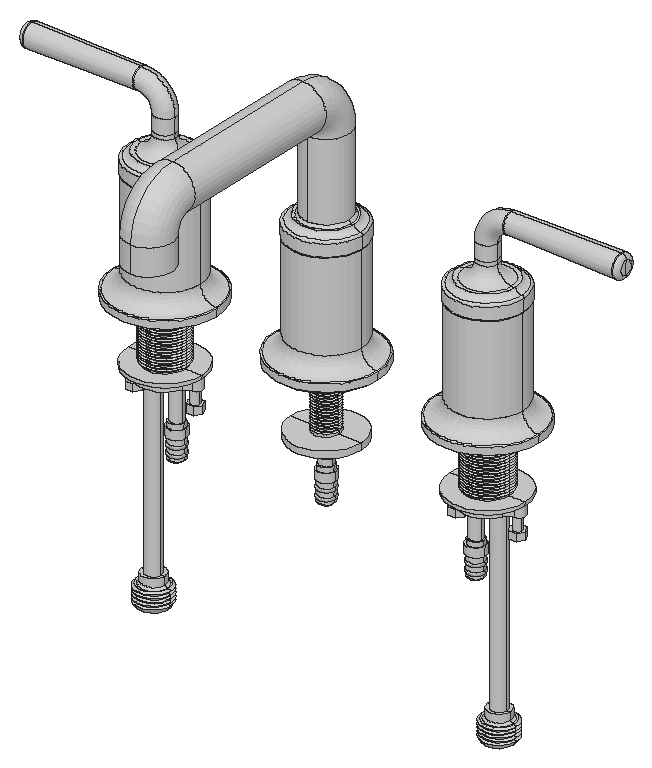
Revit family "SB-4621", category Plumbing Equipment, host Face, Revit 2023
Family settings
  Host = Face
  Round Connector Dimension = Use Diameter
  Classification = None
  Part Type = Normal
  Cut with Voids When Loaded = No
  Maintain Annotation Orientation = No
  Shared = No
  Room Calculation Point = No
Parameters
  Mounting Range = 0' - 8"
  Material = Steel
  Default Elevation = 4' - 0"
Reference planes (in)
  plane 1 "Center (Front/Back)": y = 0
  plane 2: z = 0
  plane 3 "Center (Left/Right)": x = 0
  plane 4: x = -4
  plane 5: x = 4
  plane 6: z = 4.65625
  plane 7: x = 7.4375
  plane 8: x = -7.4375
  plane 9: x = 3.24808
  plane 10: x = 4.75192
  plane 11: x = -4.75192
  plane 12: x = -3.24808
  plane 13: y = 0.56121
  plane 14: y = -5.5
  plane 15: z = 6.5
  plane 16: z = 5.375
  plane 17: y = -1.28125
  plane 18: y = 1.28125
  plane 19: x = -3.125
  plane 20: x = -4.875
Forms (in)
  Revolve 1, solid, material "Steel" <- "Material"
    sketch origin (0, 0, 0) x (1, 0, 0) y (0, 0, 1)
      loop
        arc (3.125, 0.57997) -> (3.01524, 0.30713) -> (2.74711, 0.18631) r 0.39399
        arc (2.74711, 0.18631) -> (2.73132, 0.18214) -> (2.71875, 0.17172) r 0.0379
        line (2.71875, 0.17172) -> (2.71875, 0) -> (3.1448, 0) -> (3.1448, -0.05178) -> (3.44997, -0.05178) -> (3.47915, -0.06589) -> (3.43892, -0.0962) -> (3.47915, -0.12652) -> (3.43892, -0.15684) -> (3.47915, -0.18715) -> (3.43892, -0.21747) -> (3.47915, -0.24779) -> (3.43892, -0.2781) -> (3.47915, -0.30842) -> (3.43892, -0.33874) -> (3.47915, -0.36905) -> (3.43892, -0.39937) -> (3.47915, -0.42968) -> (3.43892, -0.46) -> (3.47915, -0.49032) -> (3.43892, -0.52063) -> (3.47915, -0.55095) -> (3.43892, -0.58127) -> (3.47915, -0.61158) -> (3.43892, -0.6419) -> (3.47915, -0.67222) -> (3.43892, -0.70253) -> (3.47915, -0.73285) -> (3.43892, -0.76316) -> (3.47915, -0.79348) -> (3.43892, -0.8238) -> (3.47915, -0.85411) -> (3.43892, -0.88443) -> (3.47915, -0.91475) -> (3.43892, -0.94506) -> (3.47915, -0.97538) -> (3.43892, -1.0057) -> (3.47915, -1.03601) -> (3.43892, -1.06633) -> (3.47915, -1.09664) -> (3.43892, -1.12696) -> (3.47915, -1.15728) -> (3.43892, -1.18759) -> (3.47915, -1.21791) -> (3.43892, -1.24823) -> (3.47915, -1.27854) -> (3.43892, -1.30886) -> (3.47915, -1.33918) -> (3.43892, -1.36949) -> (3.47915, -1.39981) -> (3.47915, -1.43698) -> (3.07073, -1.43698) -> (3.07073, -1.51724) -> (4, -1.51724) -> (4, 3.71801) -> (3.75, 3.71801) -> (3.75, 3.61556)
        arc (3.75, 3.61556) -> (3.65677, 3.3662) -> (3.42281, 3.23917) r 0.38008
        line (3.42281, 3.23917) -> (3.32158, 3.23917)
        arc (3.32158, 3.23917) -> (3.26197, 3.15219) -> (3.16199, 3.11869) r 0.16594
        arc (3.16199, 3.11869) -> (3.122, 3.10914) -> (3.10429, 3.07204) r 0.04771
        line (3.10429, 3.07204) -> (3.10429, 2.77815) -> (3.125, 2.74967) -> (3.125, 0.57997)
      axis (4, -1.51724) -> (4, 3.71801)
    angle from 0 to 360
  Sweep 2, solid, material "Steel" <- "Material"
    path origin (0, 0, 0) x (1, 0, 0) y (0, 0, 1)
      loop
        line (5.4375, 4.65625) -> (4.58087, 4.65625)
        arc (4.58087, 4.65625) -> (4.17013, 4.48612) -> (4, 4.07538) r 0.58087
        line (4, 4.07538) -> (4, 3.71801)
    profile origin (5.00919, 0, 4.65625) x (0, 0, -1) y (0, -1, 0)
      loop
        circle (0, 0) r 0.25
  Blend 3, solid, material "Steel" <- "Material"
    base sketch origin (5.4375, 0, 4.65625) x (0, 0, 1) y (0, -1, 0)
      loop
        circle (0, 0) r 0.25
    top sketch origin (5.4375, 0, 4.65625) x (0, 0, 1) y (0, -1, 0)
      loop
        circle (0, 0) r 0.28125
    from -0.834 to 1.87684
  Revolve 4, solid, material "Steel" <- "Material"
    sketch origin (0, 0, 0) x (1, 0, 0) y (0, 0, 1)
      loop
        line (7.31434, 4.65625) -> (7.31434, 4.375)
        arc (7.31434, 4.375) -> (7.40124, 4.40911) -> (7.4375, 4.49514) r 0.12017
        line (7.4375, 4.49514) -> (7.4375, 4.65625) -> (7.31434, 4.65625)
      axis (7.4375, 4.65625) -> (7.31434, 4.65625)
    angle from 0 to 360
  Revolve 5, solid, material "Steel" <- "Material"
    sketch origin (0, 0, 0) x (-1, 0, 0) y (0, 0, -1)
      loop
        line (3.125, -0.57997) -> (3.125, -2.74967) -> (3.10429, -2.77815) -> (3.10429, -3.07204)
        arc (3.10429, -3.07204) -> (3.122, -3.10914) -> (3.16199, -3.11869) r 0.04771
        arc (3.16199, -3.11869) -> (3.26197, -3.15219) -> (3.32158, -3.23917) r 0.16594
        line (3.32158, -3.23917) -> (3.42281, -3.23917)
        arc (3.42281, -3.23917) -> (3.65677, -3.3662) -> (3.75, -3.61556) r 0.38008
        line (3.75, -3.61556) -> (3.75, -3.71801) -> (4, -3.71801) -> (4, 1.51724) -> (3.08908, 1.51724) -> (3.08908, 1.43698) -> (3.4975, 1.43698) -> (3.4975, 1.39981) -> (3.45727, 1.36949) -> (3.4975, 1.33918) -> (3.45727, 1.30886) -> (3.4975, 1.27854) -> (3.45727, 1.24823) -> (3.4975, 1.21791) -> (3.45727, 1.18759) -> (3.4975, 1.15728) -> (3.45727, 1.12696) -> (3.4975, 1.09664) -> (3.45727, 1.06633) -> (3.4975, 1.03601) -> (3.45727, 1.0057) -> (3.4975, 0.97538) -> (3.45727, 0.94506) -> (3.4975, 0.91475) -> (3.45727, 0.88443) -> (3.4975, 0.85411) -> (3.45727, 0.8238) -> (3.4975, 0.79348) -> (3.45727, 0.76316) -> (3.4975, 0.73285) -> (3.45727, 0.70253) -> (3.4975, 0.67222) -> (3.45727, 0.6419) -> (3.4975, 0.61158) -> (3.45727, 0.58127) -> (3.4975, 0.55095) -> (3.45727, 0.52063) -> (3.4975, 0.49032) -> (3.45727, 0.46) -> (3.4975, 0.42968) -> (3.45727, 0.39937) -> (3.4975, 0.36905) -> (3.45727, 0.33874) -> (3.4975, 0.30842) -> (3.45727, 0.2781) -> (3.4975, 0.24779) -> (3.45727, 0.21747) -> (3.4975, 0.18715) -> (3.45727, 0.15684) -> (3.4975, 0.12652) -> (3.45727, 0.0962) -> (3.4975, 0.06589) -> (3.46833, 0.05178) -> (3.16316, 0.05178) -> (3.16316, 0) -> (2.71875, 0) -> (2.71875, -0.17172)
        arc (2.71875, -0.17172) -> (2.73132, -0.18214) -> (2.74711, -0.18631) r 0.0379
        arc (2.74711, -0.18631) -> (3.01524, -0.30713) -> (3.125, -0.57997) r 0.39399
      axis (4, 1.51724) -> (4, -3.71801)
    angle from 0 to 360
  Sweep 6, solid, material "Steel" <- "Material"
    path origin (0, 0, 0) x (-1, 0, 0) y (0, 0, -1)
      loop
        line (5.4375, -4.65625) -> (4.58087, -4.65625)
        arc (4.58087, -4.65625) -> (4.17013, -4.48612) -> (4, -4.07538) r 0.58087
        line (4, -4.07538) -> (4, -3.71801)
    profile origin (-5.00919, 0, 4.65625) x (0, 0, 1) y (0, -1, 0)
      loop
        circle (0, 0) r 0.25
  Blend 7, solid, material "Steel" <- "Material"
    base sketch origin (-5.4375, 0, 4.65625) x (0, 0, -1) y (0, -1, 0)
      loop
        circle (0, 0) r 0.25
    top sketch origin (-5.4375, 0, 4.65625) x (0, 0, -1) y (0, -1, 0)
      loop
        circle (0, 0) r 0.28125
    from -0.834 to 1.87684
  Revolve 8, solid, material "Steel" <- "Material"
    sketch origin (0, 0, 0) x (-1, 0, 0) y (0, 0, -1)
      loop
        line (7.31434, -4.65625) -> (7.4375, -4.65625) -> (7.4375, -4.49514)
        arc (7.4375, -4.49514) -> (7.40124, -4.40911) -> (7.31434, -4.375) r 0.12017
        line (7.31434, -4.375) -> (7.31434, -4.65625)
      axis (7.4375, -4.65625) -> (7.31434, -4.65625)
    angle from 0 to 360
  Revolve 9, solid, material "Steel" <- "Material"
    sketch origin (0, 0, 0) x (1, 0, 0) y (0, 0, 1)
      loop
        line (0.875, 0.57997) -> (0.875, 2.74967) -> (0.89571, 2.77815) -> (0.89571, 3.07204)
        arc (0.89571, 3.07204) -> (0.878, 3.10914) -> (0.83801, 3.11869) r 0.04771
        arc (0.83801, 3.11869) -> (0.73803, 3.15219) -> (0.67842, 3.23917) r 0.16594
        line (0.67842, 3.23917) -> (0.61116, 3.23917) -> (0.5625, 3.31411) -> (0, 3.31411) -> (0, -3.1484) -> (0.16865, -3.1484) -> (0.19738, -3.11967) -> (0.19738, -3.04055)
        arc (0.19738, -3.04055) -> (0.21863, -3.00242) -> (0.19738, -2.96428) r 0.04484
        line (0.19738, -2.96428) -> (0.19738, -2.84323)
        arc (0.19738, -2.84323) -> (0.21863, -2.8051) -> (0.19738, -2.76696) r 0.04484
        line (0.19738, -2.76696) -> (0.19738, -2.61775) -> (0.23001, -2.61775) -> (0.23001, -2.41085) -> (0.18771, -2.41085) -> (0.18771, -2.30495) -> (0.15625, -2.28678) -> (0.15625, -2.11053) -> (0.17088, -2.07908) -> (0.24079, -2.07908) -> (0.27445, -2.04542) -> (0.27445, -1.70625) -> (0.86995, -1.70625) -> (0.86995, -1.54831) -> (0.3125, -1.54831) -> (0.3125, -1.49076) -> (0.27227, -1.46044) -> (0.3125, -1.43012) -> (0.27227, -1.39981) -> (0.3125, -1.36949) -> (0.27227, -1.33918) -> (0.3125, -1.30886) -> (0.27227, -1.27854) -> (0.3125, -1.24823) -> (0.27227, -1.21791) -> (0.3125, -1.18759) -> (0.27227, -1.15728) -> (0.3125, -1.12696) -> (0.27227, -1.09664) -> (0.3125, -1.06633) -> (0.27227, -1.03601) -> (0.3125, -1.0057) -> (0.27227, -0.97538) -> (0.3125, -0.94506) -> (0.27227, -0.91475) -> (0.3125, -0.88443) -> (0.27227, -0.85411) -> (0.3125, -0.8238) -> (0.27227, -0.79348) -> (0.3125, -0.76316) -> (0.27227, -0.73285) -> (0.3125, -0.70253) -> (0.27227, -0.67222) -> (0.3125, -0.6419) -> (0.27227, -0.61158) -> (0.3125, -0.58127) -> (0.27227, -0.55095) -> (0.3125, -0.52063) -> (0.27227, -0.49032) -> (0.3125, -0.46) -> (0.27227, -0.42968) -> (0.3125, -0.39937) -> (0.27227, -0.36905) -> (0.3125, -0.33874) -> (0.27227, -0.30842) -> (0.3125, -0.2781) -> (0.27227, -0.24779) -> (0.3125, -0.21747) -> (0.27227, -0.18715) -> (0.3125, -0.15684) -> (0.27227, -0.12652) -> (0.3125, -0.0962) -> (0.27227, -0.06589) -> (0.30145, -0.05178) -> (1.22035, -0.05178) -> (1.22035, 0) -> (1.28125, 0) -> (1.28125, 0.17172)
        arc (1.28125, 0.17172) -> (1.26868, 0.18214) -> (1.25289, 0.18631) r 0.0379
        arc (1.25289, 0.18631) -> (0.98476, 0.30713) -> (0.875, 0.57997) r 0.39399
      axis (0, 3.31411) -> (0, -3.1484)
    angle from 0 to 360
  Sweep 10, solid, material "Steel" <- "Material"
    path origin (0, 0, 0) x (0, 1, 0) y (0, 0, 1)
      loop
        line (-5.5, 4.5625) -> (-5.5, 5.21195)
        arc (-5.5, 5.21195) -> (-5.28749, 5.72499) -> (-4.77445, 5.9375) r 0.72555
        line (-4.77445, 5.9375) -> (-0.72685, 5.9375)
        arc (-0.72685, 5.9375) -> (-0.2138, 5.72499) -> (-0.00129, 5.21195) r 0.72555
        line (-0.00129, 5.21195) -> (-0.00129, 3.31411)
    profile origin (0, -2.75065, 5.9375) x (0, 0, 1) y (1, 0, 0)
      loop
        circle (0, 0) r 0.5625
  Extrusion 11, solid, material "Steel" <- "Material"
    sketch origin (4, 0, -1.51724) x (0, 1, 0) y (1, 0, 0)
      loop
        arc (0.25032, -0.60663) -> (0.65612, -0.01297) -> (0.2741, 0.59627) r 0.65625
        arc (0.2741, 0.59627) -> (0.17433, 0.67282) -> (0.13651, 0.79276) r 0.20911
        arc (0.13651, 0.79276) -> (0, 0.92927) -> (-0.13651, 0.79276) r 0.13651
        arc (-0.13651, 0.79276) -> (-0.17433, 0.67282) -> (-0.2741, 0.59627) r 0.20911
        arc (-0.2741, 0.59627) -> (-0.65612, -0.01297) -> (-0.25032, -0.60663) r 0.65625
        arc (-0.25032, -0.60663) -> (-0.16722, -0.68368) -> (-0.13651, -0.79276) r 0.20911
        arc (-0.13651, -0.79276) -> (0, -0.92927) -> (0.13651, -0.79276) r 0.13651
        arc (0.13651, -0.79276) -> (0.16722, -0.68368) -> (0.25032, -0.60663) r 0.20911
    from 0 to 0.2382
  Extrusion 12, solid, material "Steel" <- "Material"
    sketch origin (-4, 0, -1.51724) x (0, -1, 0) y (-1, 0, 0)
      loop
        arc (-0.25032, -0.60663) -> (-0.16722, -0.68368) -> (-0.13651, -0.79276) r 0.20911
        arc (-0.13651, -0.79276) -> (0, -0.92927) -> (0.13651, -0.79276) r 0.13651
        arc (0.13651, -0.79276) -> (0.16722, -0.68368) -> (0.25032, -0.60663) r 0.20911
        arc (0.25032, -0.60663) -> (0.65612, -0.01297) -> (0.2741, 0.59627) r 0.65625
        arc (0.2741, 0.59627) -> (0.17433, 0.67282) -> (0.13651, 0.79276) r 0.20911
        arc (0.13651, 0.79276) -> (0, 0.92927) -> (-0.13651, 0.79276) r 0.13651
        arc (-0.13651, 0.79276) -> (-0.17433, 0.67282) -> (-0.2741, 0.59627) r 0.20911
        arc (-0.2741, 0.59627) -> (-0.65612, -0.01297) -> (-0.25032, -0.60663) r 0.65625
    from 0 to 0.2382
  Revolve 13, solid, material "Steel" <- "Material"
    sketch origin (0, 0, 0) x (1, 0, 0) y (0, 0, 1)
      loop
        line (3.14484, -1.75544) -> (3.14484, -2.09462) -> (3.24808, -2.09462) -> (3.24808, -1.75544) -> (3.14484, -1.75544)
      axis (3.24808, -1.75544) -> (3.24808, -2.09462)
    angle from 0 to 360
  Extrusion 14, solid, material "Steel" <- "Material"
    sketch origin (3.24808, 0, -2.09462) x (0, 1, 0) y (1, 0, 0)
      loop
        line (0, -0.1875) -> (0.16238, -0.09375) -> (0.16238, 0.09375) -> (0, 0.1875) -> (-0.16238, 0.09375) -> (-0.16238, -0.09375) -> (0, -0.1875)
      loop
        line (0, 1.69133) -> (-0.16238, 1.59758) -> (-0.16238, 1.41008) -> (0, 1.31633) -> (0.16238, 1.41008) -> (0.16238, 1.59758) -> (0, 1.69133)
      loop
        line (0, -8.1875) -> (0.16238, -8.09375) -> (0.16238, -7.90625) -> (0, -7.8125) -> (-0.16238, -7.90625) -> (-0.16238, -8.09375) -> (0, -8.1875)
      loop
        line (0, -6.30867) -> (-0.16238, -6.40242) -> (-0.16238, -6.58992) -> (0, -6.68367) -> (0.16238, -6.58992) -> (0.16238, -6.40242) -> (0, -6.30867)
    from 0 to 0.1861
  Revolve 15, solid, material "Steel" <- "Material"
    sketch origin (8, 0, 0) x (-1, 0, 0) y (0, 0, -1)
      loop
        line (3.14484, 1.75544) -> (3.24808, 1.75544) -> (3.24808, 2.09462) -> (3.14484, 2.09462) -> (3.14484, 1.75544)
      axis (3.24808, 1.75544) -> (3.24808, 2.09462)
    angle from 0 to 360
  Revolve 16, solid, material "Steel" <- "Material"
    sketch origin (-7.99482, 0, 0) x (1, 0, 0) y (0, 0, 1)
      loop
        line (3.13966, -1.75544) -> (3.13966, -2.09462) -> (3.2429, -2.09462) -> (3.2429, -1.75544) -> (3.13966, -1.75544)
      axis (3.2429, -1.75544) -> (3.2429, -2.09462)
    angle from 0 to 360
  Revolve 17, solid, material "Steel" <- "Material"
    sketch origin (0.00518, 0, 0) x (-1, 0, 0) y (0, 0, -1)
      loop
        line (3.15002, 1.75544) -> (3.25327, 1.75544) -> (3.25327, 2.09462) -> (3.15002, 2.09462) -> (3.15002, 1.75544)
      axis (3.25327, 1.75544) -> (3.25327, 2.09462)
    angle from 0 to 360
  Revolve 18, solid, material "Steel" <- "Material"
    sketch origin (0, 0, 0) x (1, 0, 0) y (0, 0, 1)
      loop
        line (3.71283, -3.50017) -> (3.71283, -1.75544) -> (3.55658, -1.75544) -> (3.55658, -2.63855) -> (3.52512, -2.65672) -> (3.52512, -2.76262) -> (3.48282, -2.76262) -> (3.48282, -2.96952) -> (3.51546, -2.96952) -> (3.51546, -3.11873)
        arc (3.51546, -3.11873) -> (3.4942, -3.15687) -> (3.51546, -3.19501) r 0.04484
        line (3.51546, -3.19501) -> (3.51546, -3.31605)
        arc (3.51546, -3.31605) -> (3.4942, -3.35419) -> (3.51546, -3.39233) r 0.04484
        line (3.51546, -3.39233) -> (3.51546, -3.47144) -> (3.54419, -3.50017) -> (3.71283, -3.50017)
      axis (3.71283, -1.75544) -> (3.71283, -3.50017)
    angle from 0 to 360
  Revolve 19, solid, material "Steel" <- "Material"
    sketch origin (8, 0, 0) x (-1, 0, 0) y (0, 0, -1)
      loop
        line (3.71283, 6.92862) -> (3.34833, 6.92862) -> (3.28776, 6.83534) -> (3.33436, 6.79392) -> (3.28776, 6.75249) -> (3.33436, 6.71106) -> (3.28776, 6.66964) -> (3.33436, 6.62821) -> (3.28776, 6.58679) -> (3.33436, 6.54536) -> (3.28776, 6.50393) -> (3.33436, 6.46251) -> (3.3848, 6.46251)
        arc (3.3848, 6.46251) -> (3.42054, 6.44771) -> (3.43534, 6.41197) r 0.05053
        line (3.43534, 6.41197) -> (3.43534, 6.22689) -> (3.52533, 6.22689) -> (3.52533, 1.75544) -> (3.71283, 1.75544) -> (3.71283, 6.92862)
      axis (3.71283, 1.75544) -> (3.71283, 6.92862)
    angle from 0 to 360
  Revolve 20, solid, material "Steel" <- "Material"
    sketch origin (0, 0, 0) x (-1, 0, 0) y (0, 0, -1)
      loop
        line (3.71283, 3.50017) -> (3.54419, 3.50017) -> (3.51546, 3.47144) -> (3.51546, 3.39233)
        arc (3.51546, 3.39233) -> (3.4942, 3.35419) -> (3.51546, 3.31605) r 0.04484
        line (3.51546, 3.31605) -> (3.51546, 3.19501)
        arc (3.51546, 3.19501) -> (3.4942, 3.15687) -> (3.51546, 3.11873) r 0.04484
        line (3.51546, 3.11873) -> (3.51546, 2.96952) -> (3.48282, 2.96952) -> (3.48282, 2.76262) -> (3.52512, 2.76262) -> (3.52512, 2.65672) -> (3.55658, 2.63855) -> (3.55658, 1.75544) -> (3.71283, 1.75544) -> (3.71283, 3.50017)
      axis (3.71283, 3.50017) -> (3.71283, 1.75544)
    angle from 0 to 360
  Revolve 21, solid, material "Steel" <- "Material"
    sketch origin (-8, 0, 0) x (1, 0, 0) y (0, 0, 1)
      loop
        line (3.71283, -6.92862) -> (3.71283, -1.75544) -> (3.52533, -1.75544) -> (3.52533, -6.22689) -> (3.43534, -6.22689) -> (3.43534, -6.41197)
        arc (3.43534, -6.41197) -> (3.42054, -6.44771) -> (3.3848, -6.46251) r 0.05053
        line (3.3848, -6.46251) -> (3.33436, -6.46251) -> (3.28776, -6.50393) -> (3.33436, -6.54536) -> (3.28776, -6.58679) -> (3.33436, -6.62821) -> (3.28776, -6.66964) -> (3.33436, -6.71106) -> (3.28776, -6.75249) -> (3.33436, -6.79392) -> (3.28776, -6.83534) -> (3.34833, -6.92862) -> (3.71283, -6.92862)
      axis (3.71283, -1.75544) -> (3.71283, -6.92862)
    angle from 0 to 360
  Extrusion 22, solid, material "Steel" <- "Material"
    sketch origin (0, 0, -1.70625) x (1, 0, 0) y (0, -1, 0)
      loop
        line (0.42187, 0) -> (0.21094, 0.36535) -> (-0.21094, 0.36535) -> (-0.42188, 0) -> (-0.21094, -0.36535) -> (0.21094, -0.36535) -> (0.42187, 0)
      loop
        circle (0, 0) r 0.27445
    from 0 to 0.23522
  Revolve 23, solid, material "Steel" <- "Material"
    sketch origin (0, 0, 0) x (1, 0, 0) y (0, 0, 1)
      loop
        line (0.53801, -1.76899) -> (0.58965, -1.76899)
        arc (0.58965, -1.76899) -> (0.62233, -1.74481) -> (0.63521, -1.70625) r 0.06753
        line (0.63521, -1.70625) -> (0.53801, -1.70625) -> (0.53801, -1.76899)
      axis (0.53801, -1.70625) -> (0.53801, -1.76899)
    angle from 0 to 360
  Revolve 24, solid, material "Steel" <- "Material"
    sketch origin (-0.13281, 0, 0) x (-1, 0, 0) y (0, 0, -1)
      loop
        line (0.53801, 1.76899) -> (0.53801, 1.70625) -> (0.63521, 1.70625)
        arc (0.63521, 1.70625) -> (0.62233, 1.74481) -> (0.58965, 1.76899) r 0.06753
        line (0.58965, 1.76899) -> (0.53801, 1.76899)
      axis (0.53801, 1.70625) -> (0.53801, 1.76899)
    angle from 0 to 360
  Extrusion 25, void
    sketch origin (0, -5.5, 4.5625) x (0, -1, 0) y (1, 0, 0)
      loop
        circle (0, 0) r 0.5
    from 0 to 0.03125
  Extrusion 26, void
    sketch origin (0, -5.5, 4.59375) x (0, -1, 0) y (1, 0, 0)
      loop
        circle (0.38236, 0) r 0.03125
      loop
        circle (0.23654, 0) r 0.03125
      loop
        circle (0, 0) r 0.0625
      loop
        circle (-0.38236, 0) r 0.03125
      loop
        circle (-0.23654, 0) r 0.03125
      loop
        circle (0, 0.38236) r 0.03125
      loop
        circle (0, 0.23654) r 0.03125
      loop
        circle (0, -0.38236) r 0.03125
      loop
        circle (0, -0.23654) r 0.03125
      loop
        circle (0.27037, 0.27037) r 0.03125
      loop
        circle (0.16726, 0.16726) r 0.03125
      loop
        circle (-0.27037, -0.27037) r 0.03125
      loop
        circle (-0.16726, -0.16726) r 0.03125
      loop
        circle (-0.27037, 0.27037) r 0.03125
      loop
        circle (-0.16726, 0.16726) r 0.03125
      loop
        circle (0.27037, -0.27037) r 0.03125
      loop
        circle (0.16726, -0.16726) r 0.03125
    from 0 to 0.03125
Cuts and joins
  joined: Sweep 2, Blend 3
  joined: Sweep 6, Blend 7
  Extrusion 25, Extrusion 26 cuts Sweep 10
Lines and regions (in)
  symbolic lines, not visible
    curve 1: line (5.28125, 0, 0) -> (6.03125, 0, 0)
    curve 2: line (4.92927, 0, -1.43698) -> (6.03125, 0, -1.43698)
    curve 3: line (5.78125, 0, 0) -> (5.78125, 0, -1.86408)
    curve 4: line (5.78125, 0, -1.86408) -> (6.43816, 0, -1.86408)
    curve 5: line (5.78125, 0, 0) -> (5.95803, 0, 0.17678)
    curve 6: line (5.78125, 0, 0) -> (5.60447, 0, -0.17678)
    curve 7: line (5.78125, 0, -1.43698) -> (5.95803, 0, -1.2602)
    curve 8: line (5.78125, 0, -1.43698) -> (5.60447, 0, -1.61375)
    curve 9: line (4, 0, 2.44287) -> (4, 0, 7.94287)
    curve 10: line (-4, 0, 2.44287) -> (-4, 0, 7.94287)
    curve 11: line (4, 0, 7.69287) -> (-4, 0, 7.69287)
    curve 12: line (4, 0, 7.69287) -> (3.82322, 0, 7.86965)
    curve 13: line (4, 0, 7.69287) -> (4.17678, 0, 7.51609)
    curve 14: line (-4, 0, 7.69287) -> (-4.17678, 0, 7.86965)
    curve 15: line (-4, 0, 7.69287) -> (-3.82322, 0, 7.51609)
    curve 16: line (7.4375, 0, 4.81612) -> (7.4375, 0, 9.91779)
    curve 17: line (7.4375, 0, 9.91779) -> (-7.4375, 0, 9.91779)
    curve 18: line (-7.4375, 0, 4.66347) -> (-7.4375, 0, 9.91779)
    curve 19: line (7.4375, 0, 9.91779) -> (7.26072, 0, 10.09457)
    curve 20: line (7.4375, 0, 9.91779) -> (7.61428, 0, 9.74102)
    curve 21: line (-7.4375, 0, 9.91779) -> (-7.61428, 0, 10.09457)
    curve 22: line (-7.4375, 0, 9.91779) -> (-7.26072, 0, 9.74102)
    curve 23: line (7.4375, 0, 9.91779) -> (7.4375, 0, 10.16779)
    curve 24: line (-7.4375, 0, 9.91779) -> (-7.4375, 0, 10.16779)
    curve 25: line (5.28125, 0, 0) -> (6.03125, 0, 0)
    curve 26: line (4.92927, 0, -1.43698) -> (6.03125, 0, -1.43698)
    curve 27: line (5.78125, 0, 0) -> (5.78125, 0, -1.86408)
    curve 28: line (5.78125, 0, -1.86408) -> (6.43816, 0, -1.86408)
    curve 29: line (5.78125, 0, 0) -> (5.95803, 0, 0.17678)
    curve 30: line (5.78125, 0, 0) -> (5.60447, 0, -0.17678)
    curve 31: line (5.78125, 0, -1.43698) -> (5.95803, 0, -1.2602)
    curve 32: line (5.78125, 0, -1.43698) -> (5.60447, 0, -1.61375)
    curve 33: line (4, 0, 2.44287) -> (4, 0, 7.94287)
    curve 34: line (-4, 0, 2.44287) -> (-4, 0, 7.94287)
    curve 35: line (4, 0, 7.69287) -> (-4, 0, 7.69287)
    curve 36: line (4, 0, 7.69287) -> (3.82322, 0, 7.86965)
    curve 37: line (4, 0, 7.69287) -> (4.17678, 0, 7.51609)
    curve 38: line (-4, 0, 7.69287) -> (-4.17678, 0, 7.86965)
    curve 39: line (-4, 0, 7.69287) -> (-3.82322, 0, 7.51609)
    curve 40: line (7.4375, 0, 4.81612) -> (7.4375, 0, 9.91779)
    curve 41: line (7.4375, 0, 9.91779) -> (-7.4375, 0, 9.91779)
    curve 42: line (-7.4375, 0, 4.66347) -> (-7.4375, 0, 9.91779)
    curve 43: line (7.4375, 0, 9.91779) -> (7.26072, 0, 10.09457)
    curve 44: line (7.4375, 0, 9.91779) -> (7.61428, 0, 9.74102)
    curve 45: line (-7.4375, 0, 9.91779) -> (-7.61428, 0, 10.09457)
    curve 46: line (-7.4375, 0, 9.91779) -> (-7.26072, 0, 9.74102)
    curve 47: line (7.4375, 0, 9.91779) -> (7.4375, 0, 10.16779)
    curve 48: line (-7.4375, 0, 9.91779) -> (-7.4375, 0, 10.16779)
Text (in)
  text "⌀" at (-5.49083, 0, 1.49021), in view "Back"
  text "MAXIMUM\nDECK\nTHICKNESS" at (7.20626, 0, -1.83775), in view "Back"
  text "8\" TO 12\"\nMOUNTING RANGE" at (-0.00996, 0, 8.45762), in view "Back"
  text "14-7/8\" TO 18-7/8\"" at (-0.00996, 0, 10.77012), in view "Back"
  text "⌀" at (0, -4.59238, 4.64428), in view "Right"
  text "⌀" at (-8.04344, 0, 0.92687), in view "Front"
  text "MAXIMUM\nDECK\nTHICKNESS" at (7.20626, 0, -1.83775), in view "Front"
  text "8\" TO 12\"\nMOUNTING RANGE" at (-0.00996, 0, 8.45762), in view "Front"
  text "14-7/8\" TO 18-7/8\"" at (-0.00996, 0, 10.77012), in view "Front"
Dimensions and locks (in)
  equal spacing: plane 4, plane 3 "Center (Left/Right)", plane 5
  "Mounting Range": plane 4 to plane 5
  locked: plane 7 to plane 5 at 3.4375
  locked: plane 4 to plane 8 at 3.4375
  locked: Sweep 2 sketch curve to plane 7 at 2
  locked: Sweep 6 sketch curve to plane 8 at 2
  Extrusion 11 sketch curve to plane 5 to Extrusion 11 sketch curve = 0' - 0.79276" locked, 0' - 0.79276" locked
  Extrusion 12 sketch curve to plane 4 to Extrusion 12 sketch curve = 0' - 0.79276" locked, 0' - 0.79276" locked
  plane 10 to plane 5 to plane 9 = 0' - 0.75192" locked, 0' - 0.75192" locked  (x2)
  Extrusion 14 sketch curve to Extrusion 14 sketch curve to plane 5 to Extrusion 14 sketch curve to Extrusion 14 sketch curve = 0' - 0 3/8" locked, 0' - 0.56442" locked, 0' - 0.56442" locked, 0' - 0 3/8" locked
  plane 11 to plane 4 to plane 12 = 0' - 0.75192" locked, 0' - 0.75192" locked  (x2)
  Extrusion 14 sketch curve to Extrusion 14 sketch curve to plane 4 to Extrusion 14 sketch curve to Extrusion 14 sketch curve = 0' - 0 3/8" locked, 0' - 0.56442" locked, 0' - 0.56442" locked, 0' - 0 3/8" locked
  locked: Revolve 18 sketch curve to plane 5 at 0.28717
  locked: plane 5 to Revolve 19 sketch curve at 0.28717
  locked: plane 4 to Revolve 20 sketch curve at 0.28717
  locked: plane 4 to Revolve 21 sketch curve at 0.28717
  cut or joined group of Sweep 10, Extrusion 25, Extrusion 26 to Revolve 1 = 0' - 4 9/16"
  cut or joined group of Sweep 10, Extrusion 25, Extrusion 26 to plane 13 = 0' - 6.62371"
  plane 14 to plane 1 "Center (Front/Back)" = 0' - 5 1/2"
  Revolve 1 to plane 15 = 0' - 6 1/2"
  plane 15 to plane 16 = 0' - 1 1/8"
  plane 17 to plane 18 = 0' - 2 9/16"
  Revolve 5 to Revolve 8 = 0' - 4 15/16"  (x2)
  plane 20 to plane 19 = 0' - 1 3/4"  (x2)
  Revolve 1 to Revolve 1 = 0' - 1.12216"  (x2)
  Revolve 9 to Revolve 9 = 0' - 0 5/8"  (x2)
  locked: plane 7 to curve 9 at 3.4375
  locked: curve 10 to curve 18 at 3.4375
  Revolve 5 to Revolve 5 = 0' - 1 3/4"
  aligned and locked: host face to plane 2
  aligned and locked: level to host face
  aligned and locked: Revolve 1 sketch curve to plane 5  (x2)
  aligned and locked: Sweep 2 sketch curve to plane 6
  aligned and locked: Sweep 2 sketch curve to plane 5
  aligned and locked: plane 7 to Revolve 4 sketch curve
  aligned and locked: Revolve 4 sketch curve to plane 6
  aligned and locked: Revolve 5 sketch curve to plane 4  (x2)
  aligned and locked: Sweep 6 sketch curve to plane 4
  aligned and locked: Sweep 6 sketch curve to plane 6
  aligned and locked: Blend 7 to Revolve 8 sketch curve
  aligned and locked: plane 6 to Revolve 8 sketch curve
  aligned and locked: Revolve 8 sketch curve to plane 8
  aligned and locked: Revolve 8 sketch curve to plane 6
  aligned and locked: Revolve 13 sketch curve to plane 9  (x2)
  aligned and locked: plane 10 to Revolve 15 sketch curve  (x2)
  aligned and locked: plane 12 to Revolve 17 sketch curve  (x2)
  aligned and locked: Revolve 16 sketch curve to plane 11  (x2)
  aligned and locked: Revolve 18 sketch curve to Revolve 18 sketch curve
  aligned and locked: Revolve 19 sketch curve to Revolve 19 sketch curve
  aligned and locked: Revolve 21 sketch curve to Revolve 21 sketch curve
  aligned and locked: Revolve 20 sketch curve to Revolve 20 sketch curve
Automatic sketch dimensions
  host sketch curve to host sketch curve = 8' - 0"  (x2)
  Revolve 1 sketch curve to level = 0' - 0"
  plane 5 to Revolve 1 sketch curve = 0' - 0 1/4"
  plane 9 to Revolve 1 sketch curve = 0' - 0.23107"  (x4)
  Revolve 1 sketch curve to Revolve 1 sketch curve = 0' - 0"  (x19)
  Revolve 1 sketch curve to level = 0' - 0.06589"
  Revolve 1 sketch curve to Revolve 1 sketch curve = 0' - 0.02918"
  Revolve 1 sketch curve to Revolve 1 sketch curve = 0' - 0.04023"  (x21)
  Revolve 1 sketch curve to Revolve 1 sketch curve = 0' - 0.01105"
  plane 9 to Revolve 1 sketch curve = 0' - 0.17473"
  plane 9 to Revolve 1 sketch curve = 0' - 0.12183"
  plane 9 to Revolve 1 sketch curve = 0' - 0.0735"
  Revolve 1 sketch curve to plane 9 = 0' - 0.08609"
  Revolve 1 sketch curve to Revolve 1 sketch curve = 0' - 0.01"
  Revolve 1 sketch curve to plane 9 = 0' - 0.10328"
  Revolve 1 sketch curve to plane 9 = 0' - 0.12308"
  Revolve 1 sketch curve to Revolve 1 sketch curve = 0' - 0.02071"
  Revolve 1 sketch curve to plane 9 = 0' - 0.17736"
  level to Revolve 1 sketch curve = 0' - 0 19/128"
  Revolve 1 sketch curve to Revolve 1 sketch curve = 0' - 0.39615"
  Revolve 1 sketch curve to Revolve 1 sketch curve = 0' - 0.39399"
  Revolve 1 sketch curve to Revolve 1 sketch curve = 0' - 0.0299"
  Revolve 1 sketch curve to Revolve 1 sketch curve = 0' - 0.03032"  (x44)
  Revolve 1 sketch curve to Revolve 1 sketch curve = 0' - 0.03717"
  Revolve 1 sketch curve to Revolve 1 sketch curve = 0' - 0.08026"
  Revolve 1 sketch curve to Revolve 1 sketch curve = 0' - 0.01411"
  Revolve 1 sketch curve to Revolve 1 sketch curve = 0' - 0.02328"
  Revolve 1 sketch curve to Revolve 1 sketch curve = 0' - 0.40825"
  Revolve 1 sketch curve to plane 6 = 0' - 1.90658"
  Revolve 1 sketch curve to Revolve 1 sketch curve = 0' - 0.02848"
  Revolve 1 sketch curve to Revolve 1 sketch curve = 0' - 0.29389"
  Revolve 1 sketch curve to Revolve 1 sketch curve = 0' - 0.12049"
  Revolve 1 sketch curve to Revolve 1 sketch curve = 0' - 0.10245"
  Revolve 1 sketch curve to Revolve 1 sketch curve = 0' - 10.51401"
  plane 6 to Revolve 1 sketch curve = 7' - 7 5/16"
  plane 10 to Sweep 2 sketch curve = 0' - 0.17104"
  Sweep 2 sketch curve to Sweep 2 sketch curve = 0' - 0.35736"
  Sweep 2 sketch curve to plane 1 "Center (Front/Back)" = 0' - 0"
  Sweep 2 sketch curve to profile plane = 0' - 0"
  Revolve 4 sketch curve to plane 6 = 0' - 0"
  plane 7 to Revolve 4 sketch curve = 0' - 0.12017"
  plane 7 to Revolve 4 sketch curve = 0' - 0.12316"
  Revolve 4 sketch curve to plane 6 = 0' - 0.16111"
  Revolve 4 sketch curve to plane 8 = 0' - 1.95296"
  Revolve 4 sketch curve to Revolve 4 sketch curve = 0' - 1.23972"
  Revolve 5 sketch curve to level = 0' - 0"
  plane 4 to Revolve 5 sketch curve = 0' - 0 1/4"
  plane 12 to Revolve 5 sketch curve = 0' - 0.24942"  (x4)
  Revolve 5 sketch curve to Revolve 5 sketch curve = 0' - 0"  (x19)
  Revolve 5 sketch curve to level = 0' - 0.06589"
  Revolve 5 sketch curve to Revolve 5 sketch curve = 0' - 0.02918"
  Revolve 5 sketch curve to Revolve 5 sketch curve = 0' - 0.04023"  (x21)
  Revolve 5 sketch curve to level = 0' - 0.0962"
  Revolve 5 sketch curve to Revolve 5 sketch curve = 0' - 0.01105"
  plane 12 to Revolve 5 sketch curve = 0' - 0.17473"
  plane 12 to Revolve 5 sketch curve = 0' - 0.12183"
  plane 12 to Revolve 5 sketch curve = 0' - 0.0735"
  Revolve 5 sketch curve to plane 12 = 0' - 0.08493"
  Revolve 5 sketch curve to plane 12 = 0' - 0.08609"
  Revolve 5 sketch curve to Revolve 5 sketch curve = 0' - 0.01"
  Revolve 5 sketch curve to plane 12 = 0' - 0.12308"
  Revolve 5 sketch curve to Revolve 5 sketch curve = 0' - 0.02071"
  Revolve 5 sketch curve to plane 12 = 0' - 0.159"
  level to Revolve 5 sketch curve = 0' - 0 19/128"
  Revolve 5 sketch curve to Revolve 5 sketch curve = 0' - 0.4145"
  Revolve 5 sketch curve to Revolve 5 sketch curve = 0' - 0.39399"
  Revolve 5 sketch curve to Revolve 5 sketch curve = 0' - 0.0299"
  Revolve 5 sketch curve to Revolve 5 sketch curve = 0' - 0.02328"
  Revolve 5 sketch curve to Revolve 5 sketch curve = 0' - 0.40825"
  Revolve 5 sketch curve to plane 6 = 0' - 1.90658"
  Revolve 5 sketch curve to Revolve 5 sketch curve = 0' - 0.02848"
  Revolve 5 sketch curve to Revolve 5 sketch curve = 0' - 0.29389"
  Revolve 5 sketch curve to Revolve 5 sketch curve = 0' - 0.12049"
  Revolve 5 sketch curve to Revolve 5 sketch curve = 0' - 0.10245"
  Revolve 5 sketch curve to Revolve 5 sketch curve = 0' - 0.01411"
  Revolve 5 sketch curve to Revolve 5 sketch curve = 0' - 0.03032"  (x43)
  Revolve 5 sketch curve to Revolve 5 sketch curve = 0' - 0.06748"
  Revolve 5 sketch curve to Revolve 5 sketch curve = 0' - 0.08026"
  plane 6 to Revolve 5 sketch curve = 7' - 7 11/32"
  Revolve 5 sketch curve to Revolve 5 sketch curve = 0' - 10.48276"
  plane 11 to Sweep 6 sketch curve = 0' - 0.17104"
  Sweep 6 sketch curve to Sweep 6 sketch curve = 0' - 0.35736"
  Sweep 6 sketch curve to plane 1 "Center (Front/Back)" = 0' - 0"
  profile plane to Sweep 6 sketch curve = 0' - 0"
  Revolve 8 sketch curve to Revolve 8 sketch curve = 0' - 0.12017"
  Revolve 8 sketch curve to Revolve 8 sketch curve = 0' - 0.16111"
  Revolve 8 sketch curve to plane 7 = 0' - 1.95296"
  Revolve 8 sketch curve to plane 8 = 0' - 1.23972"
  Sweep 10 sketch curve to plane 3 "Center (Left/Right)" = 0' - 0"
  Sweep 10 sketch curve to profile plane = 0' - 0"
  Revolve 1 to Extrusion 11 sketch curve = 0' - 0"
  Extrusion 11 sketch curve to Revolve 1 = 0' - 0"
  Extrusion 11 sketch curve to Revolve 1 = 0' - 0.34562"  (x2)
  Revolve 1 to Extrusion 11 sketch curve = 0' - 0.34562"
  Extrusion 11 sketch curve to Extrusion 11 sketch curve = 0' - 0.34562"
  Extrusion 11 sketch curve to Revolve 1 = 0' - 0.13651"  (x2)
  Extrusion 11 sketch curve to Extrusion 11 sketch curve = 0' - 0"  (x4)
  Extrusion 12 sketch curve to Extrusion 12 sketch curve = 0' - 0"  (x6)
  Extrusion 12 sketch curve to Revolve 1 = 0' - 0"  (x3)
  Revolve 1 to Extrusion 12 sketch curve = 0' - 0.34562"  (x2)
  Extrusion 12 sketch curve to Extrusion 12 sketch curve = 0' - 0.34562"
  Extrusion 12 sketch curve to Revolve 1 = 0' - 0.34562"
  Extrusion 12 sketch curve to Extrusion 12 sketch curve = 0' - 0.79276"
  Revolve 1 to Extrusion 12 sketch curve = 0' - 0.13651"  (x2)
  Extrusion 12 sketch curve to Extrusion 12 sketch curve = 0' - 0.09529"  (x2)
  Revolve 13 sketch curve to plane 9 = 0' - 0.10324"
  Revolve 13 sketch curve to level = 0' - 2.09462"
  Revolve 13 sketch curve to Revolve 13 sketch curve = 0' - 0.33918"
  Revolve 13 sketch curve to Revolve 13 sketch curve = 0' - 0.09642"
  Revolve 13 sketch curve to Revolve 13 sketch curve = 0' - 0.03567"
  Extrusion 14 sketch curve to Revolve 13 = 0' - 0"  (x5)
  Revolve 13 to Extrusion 14 sketch curve = 0' - 0"  (x3)
  Extrusion 14 sketch curve to Revolve 13 = 0' - 0.16238"  (x4)
  Revolve 13 to Extrusion 14 sketch curve = 0' - 0.16238"  (x4)
  Extrusion 14 sketch curve to Extrusion 14 sketch curve = 0' - 0 3/32"  (x12)
  Extrusion 14 sketch curve to Extrusion 14 sketch curve = 0' - 0 3/16"  (x4)
  Revolve 15 sketch curve to plane 10 = 0' - 0.10324"
  Revolve 15 sketch curve to level = 0' - 1.75544"
  Revolve 15 sketch curve to Revolve 15 sketch curve = 0' - 0.33918"
  Revolve 15 sketch curve to Revolve 15 sketch curve = 0' - 0.09978"
  Revolve 15 sketch curve to Revolve 15 sketch curve = 0' - 0.03567"
  Revolve 16 sketch curve to plane 11 = 0' - 0.10324"
  Revolve 16 sketch curve to level = 0' - 2.09462"
  Revolve 16 sketch curve to Revolve 16 sketch curve = 0' - 0.33918"
  Revolve 16 sketch curve to Revolve 16 sketch curve = 0' - 0.0927"
  Revolve 16 sketch curve to Revolve 16 sketch curve = 0' - 0.03567"
  Revolve 17 sketch curve to plane 12 = 0' - 0.10324"
  Revolve 17 sketch curve to level = 0' - 1.75544"
  Revolve 17 sketch curve to Revolve 17 sketch curve = 0' - 0.33918"
  Revolve 17 sketch curve to Revolve 17 sketch curve = 0' - 0.10868"
  Revolve 17 sketch curve to Revolve 17 sketch curve = 0' - 0.03567"
  plane 9 to Revolve 18 sketch curve = 0' - 0.3085"
  Revolve 18 sketch curve to Revolve 18 sketch curve = 0' - 0.16865"
  Revolve 18 sketch curve to Revolve 18 sketch curve = 0' - 0.00515"
  Revolve 18 sketch curve to Revolve 18 sketch curve = 0' - 0"
  Revolve 18 sketch curve to Revolve 18 sketch curve = 0' - 0.03146"
  Revolve 18 sketch curve to Revolve 18 sketch curve = 0' - 0.02873"  (x2)
  Revolve 18 sketch curve to Revolve 18 sketch curve = 0' - 0.02359"  (x2)
  Revolve 18 sketch curve to Revolve 18 sketch curve = 0' - 0.03264"
  Revolve 18 sketch curve to level = 0' - 3.50017"
  Revolve 18 sketch curve to Revolve 18 sketch curve = 0' - 0.07911"
  Revolve 18 sketch curve to Revolve 18 sketch curve = 0' - 0.03814"  (x2)
  Revolve 18 sketch curve to Revolve 18 sketch curve = 0' - 0.12105"
  Revolve 18 sketch curve to Revolve 18 sketch curve = 0' - 0.14922"
  Revolve 18 sketch curve to Revolve 18 sketch curve = 0' - 0.2069"
  Revolve 18 sketch curve to Revolve 18 sketch curve = 0' - 0.1059"
  Revolve 18 sketch curve to Revolve 18 sketch curve = 0' - 0.01816"
  Revolve 18 sketch curve to Revolve 18 sketch curve = 0' - 0.88311"
  Revolve 18 sketch curve to Revolve 18 sketch curve = 0' - 0.15694"
  Revolve 18 sketch curve to Revolve 18 sketch curve = 0' - 0.05737"
  plane 10 to Revolve 19 sketch curve = 0' - 0.27725"
  Revolve 19 sketch curve to Revolve 19 sketch curve = 0' - 0.09"
  Revolve 19 sketch curve to Revolve 19 sketch curve = 0' - 0.05053"
  plane 10 to Revolve 19 sketch curve = 0' - 0.10025"
  plane 10 to Revolve 19 sketch curve = 0' - 0.08628"
  Revolve 19 sketch curve to Revolve 19 sketch curve = 0' - 0"  (x3)
  Revolve 19 sketch curve to Revolve 19 sketch curve = 0' - 0.05044"
  plane 10 to Revolve 19 sketch curve = 0' - 0.03967"  (x5)
  Revolve 19 sketch curve to level = 0' - 1.75544"
  Revolve 19 sketch curve to Revolve 19 sketch curve = 0' - 4.47145"
  Revolve 19 sketch curve to Revolve 19 sketch curve = 0' - 0.18508"
  Revolve 19 sketch curve to Revolve 19 sketch curve = 0' - 0.04143"  (x9)
  Revolve 19 sketch curve to Revolve 19 sketch curve = 0' - 0.1347"
  Revolve 19 sketch curve to Revolve 19 sketch curve = 0' - 0.05737"
  Revolve 19 sketch curve to Revolve 19 sketch curve = 0' - 0.09957"
  plane 12 to Revolve 20 sketch curve = 0' - 0.3085"
  Revolve 20 sketch curve to Revolve 20 sketch curve = 0' - 0.16865"
  Revolve 20 sketch curve to Revolve 20 sketch curve = 0' - 0.00515"
  Revolve 20 sketch curve to Revolve 20 sketch curve = 0' - 0"
  Revolve 20 sketch curve to Revolve 20 sketch curve = 0' - 0.03146"
  Revolve 20 sketch curve to Revolve 20 sketch curve = 0' - 0.02873"  (x2)
  Revolve 20 sketch curve to Revolve 20 sketch curve = 0' - 0.02359"  (x2)
  Revolve 20 sketch curve to Revolve 20 sketch curve = 0' - 0.03264"
  Revolve 20 sketch curve to level = 0' - 1.75544"
  Revolve 20 sketch curve to Revolve 20 sketch curve = 0' - 0.88311"
  Revolve 20 sketch curve to Revolve 20 sketch curve = 0' - 0.01816"
  Revolve 20 sketch curve to Revolve 20 sketch curve = 0' - 0.1059"
  Revolve 20 sketch curve to Revolve 20 sketch curve = 0' - 0.2069"
  Revolve 20 sketch curve to Revolve 20 sketch curve = 0' - 0.14922"
  Revolve 20 sketch curve to Revolve 20 sketch curve = 0' - 0.03814"  (x2)
  Revolve 20 sketch curve to Revolve 20 sketch curve = 0' - 0.12105"
  Revolve 20 sketch curve to Revolve 20 sketch curve = 0' - 0.07911"
  Revolve 20 sketch curve to Revolve 20 sketch curve = 0' - 0.18421"
  Revolve 20 sketch curve to Revolve 20 sketch curve = 0' - 0.13049"
  plane 11 to Revolve 21 sketch curve = 0' - 0.27725"
  Revolve 21 sketch curve to Revolve 21 sketch curve = 0' - 0.09"
  Revolve 21 sketch curve to Revolve 21 sketch curve = 0' - 0.05053"
  plane 11 to Revolve 21 sketch curve = 0' - 0.10025"
  plane 11 to Revolve 21 sketch curve = 0' - 0.08628"
  Revolve 21 sketch curve to Revolve 21 sketch curve = 0' - 0"  (x3)
  Revolve 21 sketch curve to Revolve 21 sketch curve = 0' - 0.05044"
  plane 11 to Revolve 21 sketch curve = 0' - 0.03967"  (x5)
  Revolve 21 sketch curve to level = 0' - 6.92862"
  Revolve 21 sketch curve to Revolve 21 sketch curve = 0' - 0.09328"
  Revolve 21 sketch curve to Revolve 21 sketch curve = 0' - 0.04143"  (x9)
  Revolve 21 sketch curve to Revolve 21 sketch curve = 0' - 0.18508"
  Revolve 21 sketch curve to level = 0' - 1.75544"
  Revolve 21 sketch curve to Revolve 21 sketch curve = 0' - 0.15694"
  Revolve 21 sketch curve to Revolve 21 sketch curve = 0' - 0.05737"
  Extrusion 22 sketch curve to Revolve 9 = 0' - 0"
  Revolve 9 to Extrusion 22 sketch curve = 0' - 0"
  Extrusion 22 sketch curve to Extrusion 22 sketch curve = 0' - 0 27/128"  (x5)
  Extrusion 22 sketch curve to Revolve 9 = 0' - 0.36535"
  Extrusion 22 sketch curve to Extrusion 22 sketch curve = 0' - 0 27/64"
  Revolve 9 to Extrusion 22 sketch curve = 0' - 0.36535"
  plane 3 "Center (Left/Right)" to Revolve 23 sketch curve = 0' - 0.53801"
  Revolve 23 sketch curve to Revolve 23 sketch curve = 0' - 0.02968"
  Revolve 23 sketch curve to Revolve 23 sketch curve = 0' - 0.05164"
  Revolve 23 sketch curve to Revolve 23 sketch curve = 0' - 0.06753"
  Revolve 23 sketch curve to level = 0' - 1.76899"
  Revolve 23 sketch curve to Revolve 23 sketch curve = 0' - 0.06275"
  Revolve 23 sketch curve to Revolve 23 sketch curve = 0' - 0"
  Revolve 23 sketch curve to Revolve 23 sketch curve = 0' - 0.0266"
  Revolve 23 sketch curve to Revolve 23 sketch curve = 0' - 0.02125"
  Revolve 24 sketch curve to plane 3 "Center (Left/Right)" = 0' - 0.67082"
  Revolve 24 sketch curve to Revolve 24 sketch curve = 0' - 0.02968"
  Revolve 24 sketch curve to Revolve 24 sketch curve = 0' - 0.05164"
  Revolve 24 sketch curve to Revolve 24 sketch curve = 0' - 0.06753"
  Revolve 24 sketch curve to level = 0' - 1.70513"
  Revolve 24 sketch curve to Revolve 24 sketch curve = 0' - 0.00112"
  Revolve 24 sketch curve to Revolve 24 sketch curve = 0' - 0"
  Revolve 24 sketch curve to Revolve 24 sketch curve = 0' - 0.02125"
  Revolve 24 sketch curve to Revolve 24 sketch curve = 0' - 0.0266"
  Extrusion 26 sketch curve to Extrusion 26 sketch curve = 0' - 0"  (x8)
  Extrusion 26 sketch curve to Extrusion 26 sketch curve = 0' - 0.16726"  (x8)
  Extrusion 26 sketch curve to Extrusion 26 sketch curve = 0' - 0.06928"  (x4)
  Extrusion 26 sketch curve to Extrusion 26 sketch curve = 0' - 0.10311"  (x8)
  Extrusion 26 sketch curve to Extrusion 26 sketch curve = 0' - 0.14581"  (x4)
  Revolve 9 sketch curve to plane 3 "Center (Left/Right)" = 0' - 0"  (x2)
  Revolve 9 sketch curve to level = 0' - 0"
  plane 3 "Center (Left/Right)" to Revolve 9 sketch curve = 0' - 0 5/32"
  plane 3 "Center (Left/Right)" to Revolve 9 sketch curve = 0' - 0.16865"
  Revolve 9 sketch curve to Revolve 9 sketch curve = 0' - 0.01463"
  plane 3 "Center (Left/Right)" to Revolve 9 sketch curve = 0' - 0.17379"
  Revolve 9 sketch curve to Revolve 9 sketch curve = 0' - 0.00515"
  Revolve 9 sketch curve to Revolve 9 sketch curve = 0' - 0.03146"
  Revolve 9 sketch curve to Revolve 9 sketch curve = 0' - 0.02873"  (x2)
  Revolve 9 sketch curve to Revolve 9 sketch curve = 0' - 0.02359"  (x2)
  Revolve 9 sketch curve to Revolve 9 sketch curve = 0' - 0.03264"
  Revolve 9 sketch curve to Revolve 9 sketch curve = 0' - 0.06991"
  Revolve 9 sketch curve to level = 0' - 0.12652"
  plane 3 "Center (Left/Right)" to Revolve 9 sketch curve = 0' - 0.27227"  (x2)
  Revolve 9 sketch curve to level = 0' - 0.06589"
  Revolve 9 sketch curve to Revolve 9 sketch curve = 0' - 0"  (x22)
  Revolve 9 sketch curve to Revolve 9 sketch curve = 0' - 0.00218"
  Revolve 9 sketch curve to Revolve 9 sketch curve = 0' - 0.02918"
  Revolve 9 sketch curve to Revolve 9 sketch curve = 0' - 0.04023"  (x23)
  Revolve 9 sketch curve to level = 0' - 0.0962"
  Revolve 9 sketch curve to Revolve 9 sketch curve = 0' - 0.01105"
  Revolve 9 sketch curve to Revolve 9 sketch curve = 0' - 0.06725"
  Revolve 9 sketch curve to Revolve 9 sketch curve = 0' - 0.1596"
  Revolve 9 sketch curve to Revolve 9 sketch curve = 0' - 0.01"
  Revolve 9 sketch curve to Revolve 9 sketch curve = 0' - 0.55745"
  Revolve 9 sketch curve to Revolve 9 sketch curve = 0' - 0.02699"
  Revolve 9 sketch curve to Revolve 9 sketch curve = 0' - 0.02071"
  Revolve 9 sketch curve to level = 0' - 0.05178"
  Revolve 9 sketch curve to Revolve 9 sketch curve = 0' - 0.34535"
  Revolve 9 sketch curve to Revolve 9 sketch curve = 0' - 0.031"
  Revolve 9 sketch curve to Revolve 9 sketch curve = 0' - 0.39399"
  Revolve 9 sketch curve to Revolve 9 sketch curve = 0' - 0.0609"
  Revolve 9 sketch curve to Revolve 9 sketch curve = 0' - 0.03032"  (x45)
  Revolve 9 sketch curve to Revolve 9 sketch curve = 0' - 0.05755"
  Revolve 9 sketch curve to Revolve 9 sketch curve = 0' - 0.15794"
  Revolve 9 sketch curve to Revolve 9 sketch curve = 0' - 0.33918"
  Revolve 9 sketch curve to Revolve 9 sketch curve = 0' - 0.03366"
  Revolve 9 sketch curve to Revolve 9 sketch curve = 0' - 0.03145"
  Revolve 9 sketch curve to Revolve 9 sketch curve = 0' - 0.17625"
  Revolve 9 sketch curve to Revolve 9 sketch curve = 0' - 0.01816"
  Revolve 9 sketch curve to Revolve 9 sketch curve = 0' - 0.1059"
  Revolve 9 sketch curve to Revolve 9 sketch curve = 0' - 0.2069"
  Revolve 9 sketch curve to Revolve 9 sketch curve = 0' - 0.14922"
  Revolve 9 sketch curve to Revolve 9 sketch curve = 0' - 0.03814"  (x2)
  Revolve 9 sketch curve to Revolve 9 sketch curve = 0' - 0.12105"
  Revolve 9 sketch curve to Revolve 9 sketch curve = 0' - 0.07911"
  level to Revolve 9 sketch curve = 0' - 0 19/128"
  Revolve 9 sketch curve to Revolve 9 sketch curve = 0' - 0.02328"
  Revolve 9 sketch curve to Revolve 9 sketch curve = 0' - 0.40825"
  Revolve 9 sketch curve to plane 6 = 0' - 1.90658"
  Revolve 9 sketch curve to Revolve 9 sketch curve = 0' - 0.02848"
  Revolve 9 sketch curve to Revolve 9 sketch curve = 0' - 0.29389"
  Revolve 9 sketch curve to Revolve 9 sketch curve = 0' - 0.12049"
  Revolve 9 sketch curve to Revolve 9 sketch curve = 0' - 0.07493"
  Revolve 9 sketch curve to Revolve 9 sketch curve = 0' - 0.21108"
  Revolve 9 sketch curve to Revolve 9 sketch curve = 0' - 0.6551"
  plane 3 "Center (Left/Right)" to Revolve 9 sketch curve = 0' - 0 9/16"
  Revolve 9 sketch curve to Revolve 9 sketch curve = 0' - 0.04866"
  Sweep 10 sketch curve to plane 14 = 0' - 0"
  Sweep 10 sketch curve to plane 16 = 0' - 0.16305"
  Sweep 10 sketch curve to Sweep 10 sketch curve = 0' - 0.72555"
  Sweep 10 sketch curve to plane 17 = 0' - 0.5544"
  plane 1 "Center (Front/Back)" to Sweep 10 sketch curve = 0' - 0.00129"
  Sweep 10 sketch curve to plane 6 = 0' - 0 3/32"
  Sweep 10 sketch curve to plane 6 = 0' - 1.34214"
  curve 18 to plane 8 = 0' - 0"
  curve 1 to level = 0' - 0"
  curve 16 to plane 7 = 0' - 0"
  curve 3 to plane 10 = 0' - 1.02933"
  curve 3 to curve 3 = 0' - 1.86408"
  plane 15 to curve 11 = 0' - 1.19287"
  plane 15 to curve 17 = 0' - 3.41779"
  curve 21 to plane 8 = 0' - 0.17678"
  plane 8 to curve 22 = 0' - 0.17678"
  curve 14 to plane 4 = 0' - 0.17678"
  plane 4 to curve 15 = 0' - 0.17678"
  plane 5 to curve 12 = 0' - 0.17678"
  curve 13 to plane 5 = 0' - 0.17678"
  curve 2 to plane 10 = 0' - 0.17736"
  curve 1 to curve 3 = 0' - 0 1/2"
  curve 8 to curve 3 = 0' - 0.17678"
  curve 6 to level = 0' - 0.17678"
  curve 6 to curve 3 = 0' - 0.17678"
  curve 8 to curve 7 = 0' - 0.17678"  (x2)
  curve 6 to curve 3 = 0' - 0"
  curve 8 to curve 7 = 0' - 0"
  curve 5 to curve 6 = 0' - 0"
  curve 7 to curve 7 = 0' - 0.17678"
  level to curve 5 = 0' - 0.17678"
  curve 6 to curve 5 = 0' - 0.17678"
  curve 5 to curve 1 = 0' - 0.07322"
  curve 7 to curve 2 = 0' - 0.07322"
  curve 2 to curve 4 = 0' - 0.40691"
  plane 7 to curve 19 = 0' - 0.17678"
  curve 20 to plane 7 = 0' - 0.17678"
  curve 3 to curve 7 = 0' - 0.60388"
  curve 8 to curve 8 = 0' - 0.17678"
  curve 10 to plane 6 = 0' - 2.21338"
  curve 9 to plane 6 = 0' - 2.21338"
  plane 6 to curve 18 = 0' - 0.00722"
  plane 6 to curve 16 = 0' - 0.15987"
  curve 13 to curve 11 = 0' - 0.17678"
  curve 15 to curve 11 = 0' - 0.17678"
  curve 13 to curve 11 = 0' - 0"
  curve 12 to curve 11 = 0' - 0"
  curve 14 to curve 11 = 0' - 0"
  curve 11 to curve 12 = 0' - 0.17678"
  curve 11 to curve 14 = 0' - 0.17678"
  curve 12 to curve 9 = 0' - 0.07322"
  curve 14 to curve 10 = 0' - 0.07322"
  curve 22 to curve 17 = 0' - 0.17678"
  curve 20 to curve 16 = 0' - 0.17678"
  curve 16 to curve 19 = 0' - 0.17678"
  curve 17 to curve 21 = 0' - 0.17678"
  curve 21 to curve 24 = 0' - 0.07322"
  curve 19 to curve 23 = 0' - 0.07322"
  curve 38 to plane 4 = 0' - 0"
  curve 37 to plane 5 = 0' - 0"
  curve 25 to level = 0' - 0"
  curve 35 to curve 11 = 0' - 0"
  curve 45 to curve 21 = 0' - 0"  (x2)
  curve 46 to curve 22 = 0' - 0"  (x2)
  curve 38 to curve 14 = 0' - 0"  (x2)
  curve 39 to curve 15 = 0' - 0"  (x2)
  curve 36 to curve 12 = 0' - 0"  (x2)
  curve 37 to curve 13 = 0' - 0"  (x2)
  curve 26 to curve 2 = 0' - 0"  (x3)
  curve 25 to curve 1 = 0' - 0"  (x2)
  curve 32 to curve 8 = 0' - 0"  (x2)
  curve 30 to level = 0' - 0.17678"
  curve 30 to curve 6 = 0' - 0"
  curve 29 to curve 27 = 0' - 0"
  curve 30 to curve 27 = 0' - 0"
  curve 31 to curve 7 = 0' - 0"  (x3)
  curve 32 to curve 31 = 0' - 0"
  level to curve 29 = 0' - 0.17678"
  curve 29 to curve 5 = 0' - 0"
  curve 28 to curve 4 = 0' - 0"
  curve 43 to curve 19 = 0' - 0"  (x2)
  curve 44 to curve 20 = 0' - 0"  (x2)
  curve 34 to curve 10 = 0' - 0"  (x2)
  curve 33 to curve 9 = 0' - 0"  (x2)
  curve 42 to curve 18 = 0' - 0"
  curve 40 to curve 16 = 0' - 0"
  curve 38 to curve 11 = 0' - 0"
  curve 36 to curve 35 = 0' - 0"
  curve 37 to curve 35 = 0' - 0"
  curve 47 to curve 23 = 0' - 0"
  curve 48 to curve 24 = 0' - 0"
  radius of Sweep 2 sketch curve = 0' - 0 1/4"
  radius of Blend 3 sketch curve to Sweep 2 = 0' - 0"
  radius of Sweep 2 to Blend 3 sketch curve = 0' - 0 1/32"
  radius of Sweep 6 sketch curve = 0' - 0 1/4"
  radius of Blend 7 sketch curve to Sweep 6 = 0' - 0"
  radius of Sweep 6 to Blend 7 sketch curve = 0' - 0 1/32"
  radius of Sweep 10 sketch curve = 0' - 0 9/16"
  radius of Extrusion 11 sketch curve to Revolve 1 = 0' - 0.27302"  (x2)
  radius of Extrusion 22 sketch curve to Revolve 9 = 0' - 0"
  radius of Extrusion 25 sketch curve to Sweep 10 = 0' - 0 1/16"
  radius of Extrusion 26 sketch curve to Extrusion 25 = 0' - 0 7/16"
  radius of Extrusion 26 sketch curve = 0' - 0 1/32"  (x16)
